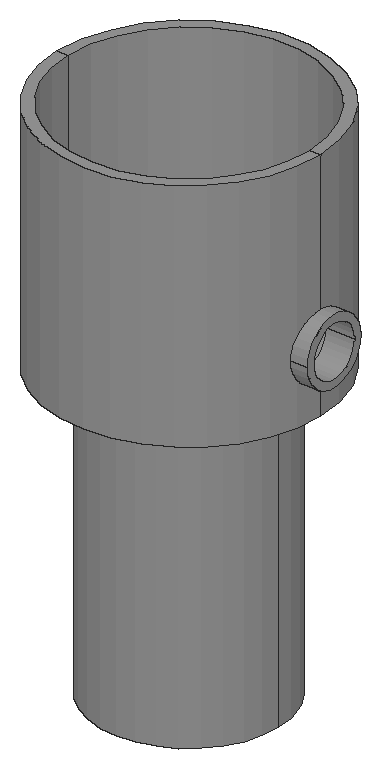
Revit family "Mi-600", category Plumbing Fixtures, Revit 2013
Parameters (values of type "MI-600(4)")
  connection inner sia = connection dia / 1.3  # 0' - 4.61538"
  URL = "www.mifab.com"
  Pipe size = 2' - 0"
  connection dia = Pipe size / 4  # 0' - 6"
  Upper Height = Height / 2.3  # 3' - 5.73913"
  Model = "MI-600"
  Manufacturer = "MIfab"
  Height = 8' - 0"
  Fitting value = Pipe size * 1.1  # 2' - 2.4"
  Diameter Diff. = Pipe size * 0.4  # 0' - 9.6"
  Description = "P-Trap Seal Primer Connector"
  Connection = Pipe size * 1.3  # 2' - 7.2"
  Body Material = ABS Plastic
Types (4): name | connection inner sia | Pipe size | connection dia | Upper Height | Manufacturer | Height | Fitting value | Diameter Diff. | Connection
  (no name) | 0' - 4.61538" | 2' - 0" | 0' - 6" | 3' - 5.73913" | "MIfab" | 8' - 0" | 2' - 2.4" | 0' - 9.6" | 2' - 7.2"
  MI-600(3) | 0' - 3.46154" | 1' - 6" | 0' - 4 1/2" | 2' - 6" | "Mifab" | 5' - 9" | 1' - 7.8" | 0' - 7.2" | 1' - 11.4"
  MI-600(2) | 0' - 2.30769" | 1' - 0" | 0' - 3" | 1' - 8.86957" | "Mifab" | 4' - 0" | 1' - 1.2" | 0' - 4.8" | 1' - 3.6"
  MI-600(4) | 0' - 4.61538" | 2' - 0" | 0' - 6" | 3' - 5.73913" | "MIfab" | 8' - 0" | 2' - 2.4" | 0' - 9.6" | 2' - 7.2"
Reference planes (in)
  plane 1 "Center (Front/Back)": y = 0
  plane 2: z = 0
  plane 3 "Center (Left/Right)": x = 0
Forms (in)
  Revolve 1, solid, material "ABS Plastic" <- "Body Material"
    sketch origin (12, 0, -6) x (1, 0, 0) y (0, 0, 1)
      loop
        line (-34, 6) -> (-36, 6) -> (-36, -36.62009) -> (-28.4, -39.50684) -> (-28.4, -90) -> (-26.4, -90) -> (-26.4, -38.62588) -> (-34, -35.73913) -> (-34, 6)
      axis (-12, 6) -> (-12, -90)
    angle from 0 to 360
  Extrusion 2, void
    sketch origin (0, 0, 0) x (0, 1, 0) y (0, 0, 1)
      loop
        circle (0, -31.2) r 6
    from 0 to 24.88708
  Extrusion 3, solid, material "ABS Plastic" <- "Body Material"
    sketch origin (0, 0, 0) x (0, 1, 0) y (0, 0, 1)
      loop
        circle (0, -31.2) r 6
      loop
        circle (0, -31.2) r 4.61538
    from 21.33862 to 26.4
Cuts and joins
  Extrusion 2 cuts Revolve 1
  joined: Revolve 1, Extrusion 3
Dimensions and locks (in)
  "Height": Revolve 1 sketch curve to Revolve 1 sketch curve
  "Upper Height": Revolve 1 sketch curve to Revolve 1 sketch curve
  "Pipe size": Revolve 1 sketch curve to Revolve 1 sketch curve
  locked: Revolve 1 sketch curve to Revolve 1 sketch curve at 2  (x2)
  "Diameter Diff.": Revolve 1 sketch curve to Revolve 1 sketch curve
  "Connection": level to Extrusion 2 sketch curve
  "Connection": level to Extrusion 3 sketch curve
  locked: Extrusion 3 to Extrusion 3 at 5.06138
  "Fitting value": plane 3 "Center (Left/Right)" to Extrusion 3
  "connection dia": radius of Extrusion 2 sketch curve
  "connection dia": radius of Extrusion 3 sketch curve
  "connection inner sia": radius of Extrusion 3 sketch curve
  aligned and locked: level to plane 2
  aligned and locked: Revolve 1 sketch curve to plane 3 "Center (Left/Right)"
  aligned and locked: plane 1 "Center (Front/Back)" to Extrusion 2 sketch curve
  aligned and locked: Extrusion 2 to plane 3 "Center (Left/Right)"
  aligned and locked: plane 1 "Center (Front/Back)" to Extrusion 3 sketch curve  (x2)
Automatic sketch dimensions
  Revolve 1 sketch curve to level = 0' - 0"
  Revolve 1 sketch curve to Revolve 1 sketch curve = 0' - 3.76771"
  Revolve 1 sketch curve to Revolve 1 sketch curve = 0' - 0.88095"  (x2)
  Revolve 1 sketch curve to Revolve 1 sketch curve = 1' - 11.91388"
  level to Revolve 1 sketch curve = 0' - 9"
  Extrusion 3 sketch curve to Extrusion 3 sketch curve = 0' - 0"
